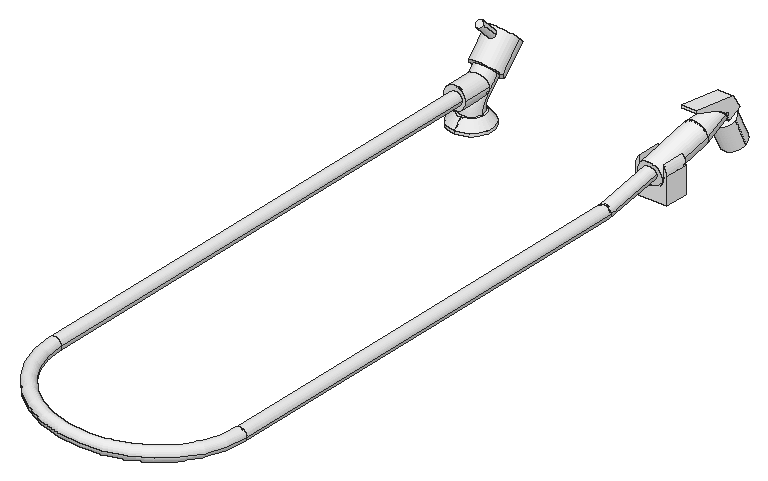
Revit family "Deca_Ducha Higiênica Link_1984.C.ACT.LNK.CR", category Plumbing Fixtures, host Face, Revit 2012
Parameters (values of type "1984.C.ACT.LNK.BR_Branco BR16")
  Vendido Separadamente = ""
  Variações de COR = "Gatilho cromado (1984.C.ACT.LNK.CR), gatilho branco (1984.C.ACT.LNK.BR)"  # constant formula
  URL = "www.deca.com.br/produtos"
  Segmento = "Competitivo"  # constant formula
  Raio Água Fria = 7.5 mm  # constant formula
  Produto = "Ducha higiênica"  # constant formula
  Pressão = "2 A 40 mca"  # constant formula
  Peso Liquido (Kg) = 0.71
  Norma = "ABNT NBR 14877: 2002"  # constant formula
  Model = Código  # "1984.C.ACT.LNK.BR"
  Material = "Deca_Latão Cromado e Plástico de Engenharia"  # constant formula
  Manufacturer = "Deca"  # constant formula
  Louça/Metais = "Metal"  # constant formula
  Linha = "Link"  # constant formula
  Informações Complementares = "Mecanismo: 3 1/2 de volta"  # constant formula
  Gatilho = Deca BR16 Branco Metal
  Flow Pressure = 0.00 psi
  Ducha Higiênica = Deca CR10 Cromado Metal
  Diâmetro Água Fria = Raio Água Fria * 2  # 15 mm
  Description = "Ducha higiênica com registro "  # constant formula
  Default Elevation = 1200 mm
  Código = "1984.C.ACT.LNK.BR"
  Criado por = "Contino/quattroD"  # constant formula
  Consumo = "Varia com a pressão"  # constant formula
  CWFU = 0
  Atendimento ao Cliente = "0800-0117073"  # constant formula
  Assembly Code = "D2010710"
  Aprovado por = "Contino/quattroD"  # constant formula
  Acompanha o Produto = ""
Types (3, lengths in mm): name | Model | Gatilho | Código
  (no name) | "1984.C.ACT.LNK.BR" | Deca BR16 Branco Metal | "1984.C.ACT.LNK.BR"
  1984.C.ACT.LNK.CR_Cromado CR10 | "1984.C.ACT.LNK.CR" | Deca CR10 Cromado Metal | "1984.C.ACT.LNK.CR"
  1984.C.ACT.LNK.BR_Branco BR16 | "1984.C.ACT.LNK.BR" | Deca BR16 Branco Metal | "1984.C.ACT.LNK.BR"
Reference planes
  plane 1 "Center (Front/Back)": y = 0
  plane 2: z = 0
  plane 3 "Center (Left/Right)": x = 0
  plane 4 "Right 1": x = 199.974
  plane 5 "Bottom 1": y = -670.18
  plane 6 "Top 1": y = 113.228
  plane 7 "Right 2": x = 216.975
  plane 8 "Left 1": x = -22.579
  plane 9 "Front 1": z = 92.99
  plane 10: z = 48.601
  plane 11: z = 14.232
  plane 12: y = 43.527
  plane 13: z = 23.21
  plane 14: z = 9.21
  plane 15: z = 23.21
  plane 16: z = 9.21
  plane 17: through (-0.234, -79.201, 22.115) normal (0, -0.1707, 0.9853)
  plane 18: through (-0.234, -76.812, 8.32) normal (0, -0.1707, 0.9853)
  plane 19: through (85.03, 0, -104.079) normal (-0.0882, 0, -0.9961)
  plane 20: x = 199.936
Forms (mm)
  Revolve 1, solid, material "Deca CR10 Cromado Metal" <- "Ducha Higiênica"
    sketch origin (0, 0, 0) x (0, 1, 0) y (0, 0, 1)
      loop
        line (0, 0) -> (0, 12.931) -> (-14.524, 12.931) -> (-22.58, 2.983) -> (-22.58, 0) -> (0, 0)
      axis (0, 0) -> (0, 12.931)
    angle from 0 to 360
  SweptBlend 2, solid, material "Deca CR10 Cromado Metal" <- "Ducha Higiênica"
    path origin (0, 0, 0) x (0, 1, 0) y (0, 0, 1)
      loop
        spline (0, 12.931) -> (0.099, 15.173) -> (0.315, 17.203) -> (0.701, 19.1) -> (1.309, 20.946) -> (2.192, 22.818) -> (3.402, 24.798) -> (4.992, 26.965) -> (7.015, 29.398) -> (9.522, 32.178) -> (12.567, 35.384) -> (16.202, 39.095) -> (20.479, 43.392)
    profile origin (0, 0, 12.931) x (0, -0.9997, 0.024479) y (1, 0, 0)
      loop
        circle (0, 0) r 12
    end profile origin (0, 20.479, 43.392) x (0, -0.707107, 0.707107) y (1, 0, 0)
      loop
        circle (0, 0) r 12
  Extrusion 3, solid, material "Deca CR10 Cromado Metal" <- "Ducha Higiênica"
    sketch origin (0, 0, 0) x (1, 0, 0) y (0, 0, 1)
      loop
        circle (0, 34.289) r 12
    from -9.079 to 21.824
  Extrusion 4, solid, material "Deca CR10 Cromado Metal" <- "Ducha Higiênica"
    sketch origin (0, -8.869, 28.308) x (1, 0, 0) y (0, 0.707107, -0.707106)
      loop
        circle (0, 10.148) r 17
    from 31.476 to 65.476
  Extrusion 5, solid, material "Deca CR10 Cromado Metal" <- "Ducha Higiênica"
    sketch origin (0, 63.462, 1.177) x (1, 0, 0) y (0, 0.707107, 0.707107)
      loop
        circle (0, 26.446) r 4
    from 77.193 to 99.515
  Extrusion 6, solid, material "Deca CR10 Cromado Metal" <- "Ducha Higiênica"
    sketch origin (0, 0, 0) x (1, 0, 0) y (0, 0, 1)
      loop
        line (216.975, 0) -> (216.975, 28.464)
        arc (216.975, 28.464) -> (215.846, 33.762) -> (212.977, 38.357) r 15.63
        line (212.977, 38.357) -> (212.977, 23.749)
        arc (212.977, 23.749) -> (200.113, 14.186) -> (187.249, 23.749) r 13.434
        line (187.249, 23.749) -> (187.249, 38.665)
        arc (187.249, 38.665) -> (184.287, 34.164) -> (182.974, 28.938) r 16.114
        line (182.974, 28.938) -> (182.974, 0) -> (216.975, 0)
    from -16.727 to 7.995
  Extrusion 7, solid, material "Deca BR16 Branco Metal" <- "Gatilho"
    sketch origin (0, 0, 0) x (0, 1, 0) y (0, 0, 1)
      loop
        line (100.55, 44.837) -> (91.986, 59.668)
        arc (91.986, 59.668) -> (67.892, 64.027) -> (43.527, 66.442) r 305.364
        line (43.527, 66.442) -> (43.527, 63.008) -> (62.377, 57.245)
        arc (62.377, 57.245) -> (76.39, 50.347) -> (86.05, 38.075) r 35.271
        line (86.05, 38.075) -> (100.55, 44.837)
    from 191.974 to 207.974
  Extrusion 8, solid, material "Deca BR16 Branco Metal" <- "Gatilho"
    sketch origin (0, 6.455, -10.345) x (1, 0, 0) y (0, -0.204422, 0.978883)
      loop
        circle (199.974, 38.424) r 13.003
    from -54.205 to 7.995
  Blend 9, solid, material "Deca BR16 Branco Metal" <- "Gatilho"
    base sketch origin (0, 7.131, -11.87) x (1, 0, 0) y (0, -0.221483, 0.975164)
      loop
        circle (199.974, 39.112) r 13.001
    top sketch origin (0, 7.131, -11.87) x (1, 0, 0) y (0, -0.221483, 0.975164)
      loop
        circle (199.974, 39.112) r 8
    from -54.292 to -88.696
  Extrusion 10, solid, material "Deca BR16 Branco Metal" <- "Gatilho"
    sketch origin (0, 14.319, 88.523) x (1, 0, 0) y (0, 0.905264, 0.424848)
      loop
        circle (199.974, 45.999) r 13.007
    from -108.967 to -76.825
  Extrusion 11, solid, material "Deca CR10 Cromado Metal" <- "Ducha Higiênica"
    sketch origin (0, 0, 0) x (1, 0, 0) y (0, 0, 1)
      loop
        circle (199.719, 16.462) r 7
    from 70.3 to 560.278
  Extrusion 12, solid, material "Deca CR10 Cromado Metal" <- "Ducha Higiênica"
    sketch origin (-199.974, 0, 0) x (1, 0, 0) y (0, 0, 1)
      loop
        circle (200.48, 33.891) r 7
    from 21.824 to 560.278
  Sweep 13, solid, material "Deca CR10 Cromado Metal" <- "Ducha Higiênica"
    path origin (-2.458, 0, 0.021) x (0.996195, 0, -0.087156) y (0, 1, 0)
      loop
        arc (199.974, -560.278) -> (99.987, -660.265) -> (0, -560.278) r 99.987
    profile origin (97.149, -660.265, -8.694) x (0, -1, 0) y (0.087156, 0, 0.996195)
      loop
        circle (0, 34) r 7
  Extrusion 14, solid, material "Deca CR10 Cromado Metal" <- "Ducha Higiênica"
    sketch origin (-0.234, 0.5, 12.364) x (1, 0, 0) y (0, -0.170669, 0.985329)
      loop
        circle (199.974, 16.21) r 7
    from 6.86 to 70.3
Cuts and joins
  joined: Extrusion 11, Extrusion 12, Sweep 13
Lines and regions (mm)
  Masking region 1
    outline origin (0, -0.003, -216.498) x (0, 1, 0) y (0, 0, 1)
      loop
        line (-37.3, 260.5) -> (-562.3, 260.5)
        arc (-562.3, 260.5) -> (-604.187, 259.411) -> (-645.96, 256.145) r 805.741
        arc (-645.96, 256.145) -> (-647.868, 255.998) -> (-649.742, 255.613) r 15.234
        arc (-649.742, 255.613) -> (-651.455, 255.417) -> (-653.132, 255.016) r 14.299
        arc (-653.132, 255.016) -> (-654.777, 254.757) -> (-656.385, 254.324) r 15.561
        arc (-656.385, 254.324) -> (-657.956, 253.977) -> (-659.472, 253.439) r 13.031
        arc (-659.472, 253.439) -> (-660.606, 253.158) -> (-661.672, 252.682) r 6.588
        arc (-661.672, 252.682) -> (-670.039, 243.337) -> (-664.637, 232.017) r 11.31
        arc (-664.637, 232.017) -> (-663.21, 231.128) -> (-661.653, 230.496) r 9.768
        arc (-661.653, 230.496) -> (-659.962, 229.822) -> (-658.184, 229.427) r 11.279
        arc (-658.184, 229.427) -> (-657.256, 229.02) -> (-656.259, 228.839) r 4.332
        arc (-656.259, 228.839) -> (-654.638, 228.42) -> (-652.981, 228.18) r 15.374
        arc (-652.981, 228.18) -> (-651.396, 227.788) -> (-649.771, 227.63) r 11.267
        arc (-649.771, 227.63) -> (-647.863, 227.191) -> (-645.909, 227.078) r 11.665
        arc (-645.909, 227.078) -> (-608.702, 223.803) -> (-571.368, 222.71) r 638.284
        line (-571.368, 222.71) -> (-69.993, 222.71) -> (-18, 231.878) -> (-18.521, 234.832) -> (-15.706, 235.329)
        arc (-15.706, 235.329) -> (-14.775, 233.235) -> (-14.774, 230.944) r 5.523
        line (-14.774, 230.944) -> (-14.774, 229.118) -> (-22.577, 219.483) -> (-22.577, 216.498) -> (22.582, 216.498) -> (22.582, 219.479) -> (18.28, 224.792) -> (18.28, 234.637) -> (53.468, 242.596) -> (76.793, 249.567) -> (87.714, 226.281) -> (88.798, 224.023) -> (90.738, 221.253)
        arc (90.738, 221.253) -> (91.162, 220.945) -> (91.684, 220.963) r 0.803
        line (91.684, 220.963) -> (112.738, 230.838)
        arc (112.738, 230.838) -> (113.141, 231.228) -> (113.219, 231.783) r 0.864
        line (113.219, 231.783) -> (112.316, 235.057) -> (111.879, 235.952) -> (111.254, 237.321) -> (103.912, 252.975) -> (107.44, 254.62) -> (103.616, 262.775) -> (100.55, 261.337)
        arc (100.55, 261.337) -> (97.118, 269.339) -> (91.871, 276.289) r 36.135
        line (91.871, 276.289) -> (81.936, 278.22)
        arc (81.936, 278.22) -> (64.376, 281.106) -> (46.679, 282.965) r 305.752
        line (46.679, 282.965) -> (33.16, 296.483) -> (30.367, 293.69) -> (14.555, 309.501) -> (8.996, 303.942) -> (24.808, 288.13) -> (8.525, 271.847) -> (11.164, 269.208) -> (10.051, 268.095)
        arc (10.051, 268.095) -> (9.765, 267.499) -> (9.916, 266.855) r 0.996
        line (9.916, 266.855) -> (8.404, 265.494)
        arc (8.404, 265.494) -> (5.364, 263.49) -> (1.791, 262.787) r 9.432
        line (1.791, 262.787) -> (-21.821, 262.787) -> (-21.821, 261.227) -> (-32.869, 261.227)
        arc (-32.869, 261.227) -> (-33.535, 260.973) -> (-33.863, 260.341) r 1
        line (-33.863, 260.341) -> (-33.863, 256.37) -> (-37.3, 256.37) -> (-37.3, 260.5)
      loop
        line (52.873, 276.707) -> (57.042, 272.537) -> (50.515, 266.009) -> (76.269, 267.414)
        arc (76.269, 267.414) -> (72.145, 270.055) -> (67.65, 271.997) r 30.32
        arc (67.65, 271.997) -> (60.293, 274.451) -> (52.873, 276.707) r 289.14
  Masking region 2
    outline origin (0.001, 0, -216.5) x (1, 0, 0) y (0, 0, 1)
      loop
        line (-12.502, 229.431) -> (-14.525, 229.431) -> (-22.579, 219.485) -> (-22.579, 216.5) -> (22.578, 216.5) -> (22.578, 219.485) -> (14.524, 229.431) -> (12.5, 229.431) -> (12.5, 239.369)
        arc (12.5, 239.369) -> (97.75, 231.968) -> (182.974, 224.268) r 24434.874
        line (182.974, 224.268) -> (182.974, 216.5) -> (216.974, 216.5) -> (216.974, 244.226)
        arc (216.974, 244.226) -> (215.941, 249.908) -> (212.974, 254.863) r 16.141
        arc (212.974, 254.863) -> (212.548, 256.934) -> (211.017, 258.392) r 3.539
        arc (211.017, 258.392) -> (209.735, 260.842) -> (207.944, 262.947) r 12.449
        line (207.944, 262.947) -> (207.944, 280.502)
        arc (207.944, 280.502) -> (206.96, 282.386) -> (204.974, 283.141) r 2.992
        line (204.974, 283.141) -> (194.974, 283.141)
        arc (194.974, 283.141) -> (192.987, 282.386) -> (192.003, 280.502) r 2.992
        line (192.003, 280.502) -> (192.003, 262.947)
        arc (192.003, 262.947) -> (190.212, 260.842) -> (188.93, 258.392) r 12.449
        arc (188.93, 258.392) -> (187.399, 256.934) -> (186.974, 254.863) r 3.539
        arc (186.974, 254.863) -> (183.989, 249.934) -> (182.974, 244.262) r 15.763
        arc (182.974, 244.262) -> (100.037, 251.852) -> (17.043, 258.795) r 10667.476
        line (17.043, 258.795) -> (17.043, 284.509)
        spline (17.043, 284.509) -> (16.937, 285.853) -> (16.621, 287.181) -> (16.097, 288.475) -> (15.373, 289.719) -> (14.458, 290.898) -> (13.364, 291.998) -> (12.103, 293.004) -> (10.691, 293.904) -> (9.148, 294.686) -> (7.49, 295.342) -> (5.74, 295.862) -> (3.919, 296.241)
        line (3.919, 296.241) -> (3.919, 306.744)
        spline (3.919, 306.744) -> (3.785, 307.46) -> (3.393, 308.126) -> (2.768, 308.699) -> (1.955, 309.138) -> (1.007, 309.414) -> (-0.01, 309.508) -> (-1.027, 309.414) -> (-1.975, 309.138) -> (-2.788, 308.699) -> (-3.413, 308.126) -> (-3.805, 307.46) -> (-3.939, 306.744)
        line (-3.939, 306.744) -> (-3.939, 295.996)
        spline (-3.939, 295.996) -> (-5.743, 295.616) -> (-7.476, 295.1) -> (-9.116, 294.453) -> (-10.643, 293.683) -> (-12.038, 292.8) -> (-13.283, 291.816) -> (-14.365, 290.741) -> (-15.268, 289.589) -> (-15.982, 288.375) -> (-16.499, 287.113) -> (-16.812, 285.819) -> (-16.916, 284.509)
        line (-16.916, 284.509) -> (-16.916, 259.889)
        arc (-16.916, 259.889) -> (-15.59, 255.381) -> (-12.502, 251.839) r 10.997
        line (-12.502, 251.839) -> (-12.502, 229.431)
  Masking region 3
    outline origin (-400.02, 0.047, 0) x (1, 0, 0) y (0, 1, 0)
      loop
        line (587.021, 100.249) -> (587.021, 88.393)
        arc (587.021, 88.393) -> (588.16, 83.458) -> (591.347, 79.523) r 11.256
        line (591.347, 79.523) -> (588.106, 51.139) -> (586.474, 17.63)
        arc (586.474, 17.63) -> (586.865, 17.047) -> (587.486, 16.719) r 1.439
        line (587.486, 16.719) -> (583.693, 15.597)
        arc (583.693, 15.597) -> (583.176, 15.238) -> (582.974, 14.643) r 1.004
        line (582.974, 14.643) -> (582.974, -8) -> (589.977, -8)
        arc (589.977, -8) -> (590.156, -8.58) -> (590.553, -9.04) r 1.481
        arc (590.553, -9.04) -> (591.251, -9.43) -> (592.008, -9.687) r 4.383
        arc (592.008, -9.687) -> (592.488, -9.813) -> (592.974, -9.92) r 12.559
        line (592.974, -9.92) -> (592.974, -11.329)
        arc (592.974, -11.329) -> (592.114, -11.53) -> (591.278, -11.814) r 8.976
        arc (591.278, -11.814) -> (590.854, -12.027) -> (590.467, -12.301) r 3.19
        arc (590.467, -12.301) -> (590.105, -12.782) -> (589.977, -13.37) r 1.411
        line (589.977, -13.37) -> (589.977, -538.37)
        arc (589.977, -538.37) -> (590.031, -558.663) -> (587.954, -578.849) r 192.927
        arc (587.954, -578.849) -> (581.607, -598.074) -> (571.068, -615.361) r 88.761
        arc (571.068, -615.361) -> (542.083, -639.699) -> (505.682, -650.065) r 90.555
        arc (505.682, -650.065) -> (467.78, -644.368) -> (435.749, -623.319) r 89.379
        arc (435.749, -623.319) -> (419.898, -601.223) -> (411.339, -575.411) r 90.361
        arc (411.339, -575.411) -> (410.309, -556.903) -> (409.966, -538.37) r 500.484
        line (409.966, -538.37) -> (409.966, -37.3) -> (406.028, -37.3) -> (406.028, -33.813) -> (412.019, -33.813) -> (412.019, -23.919) -> (410.291, -23.919) -> (410.291, -21.832) -> (412.52, -21.832) -> (412.52, -18.851)
        arc (412.52, -18.851) -> (422.503, -2.146) -> (415.786, 16.118) r 22.58
        arc (415.786, 16.118) -> (416.533, 17.959) -> (416.896, 19.913) r 9.859
        line (416.896, 19.913) -> (416.896, 45.433)
        spline (416.896, 45.433) -> (416.321, 48.429) -> (414.633, 51.222) -> (411.949, 53.619) -> (408.452, 55.459) -> (404.378, 56.616) -> (400.007, 57.01) -> (395.636, 56.616) -> (391.563, 55.459) -> (388.065, 53.619) -> (385.381, 51.222) -> (383.694, 48.429) -> (383.118, 45.433)
        line (383.118, 45.433) -> (383.115, 20.433)
        arc (383.115, 20.433) -> (383.438, 18.21) -> (384.255, 16.118) r 9.859
        arc (384.255, 16.118) -> (377.538, -2.146) -> (387.52, -18.851) r 22.58
        line (387.52, -18.851) -> (387.52, -21.832) -> (389.75, -21.832) -> (389.75, -23.916) -> (388.026, -23.916) -> (388.026, -33.813) -> (394.028, -33.813) -> (394.028, -37.3) -> (390, -37.3) -> (390, -567.176)
        arc (390, -567.176) -> (398.326, -603.412) -> (418.927, -634.362) r 103.431
        arc (418.927, -634.362) -> (441.524, -652.787) -> (467.823, -665.377) r 123.03
        arc (467.823, -665.377) -> (508.074, -670.503) -> (547.12, -659.468) r 101.594
        arc (547.12, -659.468) -> (575.426, -639.297) -> (596.91, -611.975) r 122.237
        arc (596.91, -611.975) -> (606.623, -588.53) -> (609.936, -563.37) r 97.193
        line (609.936, -563.37) -> (609.936, -13.37)
        arc (609.936, -13.37) -> (609.808, -12.782) -> (609.446, -12.301) r 1.411
        arc (609.446, -12.301) -> (609.059, -12.027) -> (608.635, -11.814) r 3.19
        arc (608.635, -11.814) -> (607.799, -11.53) -> (606.939, -11.329) r 8.976
        line (606.939, -11.329) -> (606.939, -9.92)
        arc (606.939, -9.92) -> (607.425, -9.813) -> (607.905, -9.687) r 12.559
        arc (607.905, -9.687) -> (608.662, -9.43) -> (609.36, -9.04) r 4.383
        arc (609.36, -9.04) -> (609.757, -8.58) -> (609.936, -8) r 1.481
        line (609.936, -8) -> (616.939, -8) -> (616.939, 14.643)
        arc (616.939, 14.643) -> (616.737, 15.238) -> (616.22, 15.597) r 1.004
        line (616.22, 15.597) -> (612.427, 16.719)
        arc (612.427, 16.719) -> (613.048, 17.047) -> (613.439, 17.63) r 1.439
        line (613.439, 17.63) -> (611.807, 51.139) -> (608.563, 79.549)
        arc (608.563, 79.549) -> (611.804, 83.38) -> (612.968, 88.262) r 10.819
        line (612.968, 88.262) -> (612.968, 100.249)
        arc (612.968, 100.249) -> (599.995, 113.223) -> (587.021, 100.249) r 12.973
  symbolic lines
    curve 1: line (0, 76.942, 33.782) -> (0, 100.551, 44.855)
    curve 2: line (0, 111.254, 20.826) -> (0, 87.721, 9.788)
    curve 3: line (0, 104.125, 36.025) -> (0, 102.897, 35.453)
    curve 4: line (0, 98.859, 44.062) -> (0, 102.897, 35.453)
    curve 5: arc (0, 93.212, 41.413) -> (0, 88.769, 51.084) -> (0, 81.454, 58.816) r 32.694
    curve 6: arc (0, 81.337, 58.814) -> (0, 65.705, 61.279) -> (0, 49.987, 63.119) r 397
    curve 7: line (0, 92.469, 59.012) -> (0, 81.364, 58.814)
    curve 8: line (0, 76.269, 50.919) -> (0, 83.469, 44.877)
    curve 9: arc (0, 83.469, 44.877) -> (0, 84.429, 43.697) -> (0, 84.882, 42.245) r 4.028
    curve 10: line (0, 84.882, 42.245) -> (0, 85.346, 39.861)
    curve 11: line (0, 85.346, 39.861) -> (0, 86.058, 38.058)
    curve 12: line (0, 49.486, 48.64) -> (0, 53.461, 26.099)
    curve 13: line (0, 81.929, 61.723) -> (0, 81.364, 58.814)
    curve 14: arc (194.478, 106.226, 0) -> (199.974, 107.333, 0) -> (205.471, 106.226, 0) r 14.197
    curve 15: arc (194.478, 99.479, 0) -> (194.712, 99.358, 0) -> (194.97, 99.306, 0) r 0.949
    curve 16: line (194.478, 99.479, 0) -> (194.478, 106.226, 0)
    curve 17: line (191.974, 81.397, 0) -> (191.974, 93.325, 0)
    curve 18: arc (187.003, 88.453, 0) -> (189.563, 95.399, 0) -> (195.727, 99.498, 0) r 11.931
    curve 19: arc (205.471, 99.479, 0) -> (205.237, 99.358, 0) -> (204.979, 99.306, 0) r 0.949
    curve 20: line (205.471, 99.479, 0) -> (205.471, 106.226, 0)
    curve 21: line (207.974, 81.397, 0) -> (207.974, 93.325, 0)
    curve 22: arc (212.946, 88.453, 0) -> (210.386, 95.399, 0) -> (204.222, 99.498, 0) r 11.931
    curve 23: arc (199.974, 92.834, 0) -> (197.726, 92.376, 0) -> (195.731, 91.241, 0) r 7.293
    curve 24: arc (195.731, 91.241, 0) -> (194.453, 89.892, 0) -> (193.462, 88.321, 0) r 9.494
    curve 25: arc (193.462, 88.321, 0) -> (192.394, 85.436, 0) -> (191.982, 82.387, 0) r 13.992
    curve 26: arc (199.974, 91.146, 0) -> (198.796, 90.906, 0) -> (197.758, 90.297, 0) r 3.662
    curve 27: arc (197.758, 90.297, 0) -> (197.108, 89.658, 0) -> (196.568, 88.923, 0) r 5.681
    curve 28: arc (196.568, 88.923, 0) -> (196.009, 87.866, 0) -> (195.597, 86.743, 0) r 8.854
    curve 29: arc (195.597, 86.743, 0) -> (195.162, 84.677, 0) -> (194.993, 82.572, 0) r 16.557
    curve 30: line (194.993, 82.572, 0) -> (194.993, 43.605, 0)
    curve 31: arc (191.974, 49.95, 0) -> (190.298, 50.278, 0) -> (188.683, 50.832, 0) r 12.507
    curve 32: arc (188.683, 50.832, 0) -> (188.333, 51.12, 0) -> (188.123, 51.523, 0) r 1.142
    curve 33: line (191.974, 81.397, 0) -> (191.974, 46.193, 0)
    curve 34: arc (191.974, 46.193, 0) -> (192.031, 44.894, 0) -> (192.201, 43.605, 0) r 14.89
    curve 35: arc (199.974, 92.834, 0) -> (202.308, 92.343, 0) -> (204.358, 91.125, 0) r 7.293
    curve 36: arc (204.358, 91.125, 0) -> (205.559, 89.823, 0) -> (206.497, 88.321, 0) r 9.494
    curve 37: arc (206.497, 88.321, 0) -> (207.565, 85.436, 0) -> (207.976, 82.387, 0) r 13.992
    curve 38: arc (199.974, 91.146, 0) -> (201.153, 90.906, 0) -> (202.191, 90.297, 0) r 3.662
    curve 39: arc (202.191, 90.297, 0) -> (202.841, 89.658, 0) -> (203.381, 88.923, 0) r 5.681
    curve 40: arc (203.381, 88.923, 0) -> (203.94, 87.866, 0) -> (204.352, 86.743, 0) r 8.854
    curve 41: arc (204.352, 86.743, 0) -> (204.787, 84.677, 0) -> (204.956, 82.572, 0) r 16.557
    curve 42: line (204.956, 82.572, 0) -> (204.956, 43.605, 0)
    curve 43: line (207.974, 81.397, 0) -> (207.974, 46.193, 0)
    curve 44: arc (207.974, 46.193, 0) -> (207.918, 44.894, 0) -> (207.748, 43.605, 0) r 14.89
    curve 45: arc (207.974, 49.95, 0) -> (209.65, 50.278, 0) -> (211.266, 50.832, 0) r 12.507
    curve 46: arc (211.266, 50.832, 0) -> (211.616, 51.12, 0) -> (211.826, 51.523, 0) r 1.142
    curve 47: line (192.201, 43.605, 0) -> (207.748, 43.605, 0)
    curve 48: arc (187.487, 16.779, 0) -> (199.943, 15.329, 0) -> (212.399, 16.772, 0) r 54.365
    curve 49: arc (187.549, 16.764, 0) -> (187.756, 16.095, 0) -> (188.342, 15.712, 0) r 1.034
    curve 50: arc (188.342, 15.712, 0) -> (190.618, 15.013, 0) -> (192.974, 14.667, 0) r 15.645
    curve 51: line (192.974, 14.667, 0) -> (192.974, -7.94, 0)
    curve 52: arc (212.399, 16.772, 0) -> (212.195, 16.098, 0) -> (211.607, 15.712, 0) r 1.034
    curve 53: arc (211.607, 15.712, 0) -> (209.33, 15.013, 0) -> (206.974, 14.667, 0) r 15.645
    curve 54: line (206.974, 14.667, 0) -> (206.974, -7.94, 0)
    curve 55: arc (192.974, 6.315, 0) -> (199.974, 5.886, 0) -> (206.974, 6.315, 0) r 57.359
    curve 56: arc (192.974, -7.208, 0) -> (199.974, -7.699, 0) -> (206.974, -7.208, 0) r 50.122
    curve 57: line (192.974, -7.94, 0) -> (189.978, -7.94, 0)
    curve 58: line (206.974, -7.94, 0) -> (209.937, -7.94, 0)
    curve 59: line (-5.992, -37.253, 0) -> (6.008, -37.253, 0)
    curve 60: line (192.974, -11.269, 0) -> (192.974, -12.291, 0)
    curve 61: line (206.974, -11.269, 0) -> (206.974, -12.291, 0)
    curve 62: spline (192.974, -12.291, 0) -> (193.212, -12.608, 0) -> (193.908, -12.904, 0) -> (195.015, -13.158, 0) -> (196.458, -13.353, 0) -> (198.138, -13.475, 0) -> (199.941, -13.517, 0) -> (201.744, -13.475, 0) -> (203.424, -13.353, 0) -> (204.867, -13.158, 0) -> (205.974, -12.904, 0) -> (206.67, -12.608, 0) -> (206.908, -12.291, 0)
    curve 63: spline (192.974, -9.86, 0) -> (193.951, -10.064, 0) -> (195.028, -10.237, 0) -> (196.186, -10.374, 0) -> (197.408, -10.473, 0) -> (198.672, -10.534, 0) -> (199.957, -10.554, 0) -> (201.243, -10.534, 0) -> (202.507, -10.473, 0) -> (203.728, -10.374, 0) -> (204.887, -10.237, 0) -> (205.964, -10.064, 0) -> (206.94, -9.86, 0)
    curve 64: line (-5.992, -33.766, 0) -> (6.008, -33.766, 0)
    curve 65: spline (187.198, 101.79, 0) -> (188.062, 104.338, 0) -> (189.568, 106.641, 0) -> (191.635, 108.575, 0) -> (194.152, 110.036, 0) -> (196.983, 110.945, 0) -> (199.975, 111.254, 0) -> (202.968, 110.945, 0) -> (205.799, 110.035, 0) -> (208.315, 108.574, 0) -> (210.382, 106.639, 0) -> (211.888, 104.336, 0) -> (212.751, 101.788, 0)
    curve 66: spline (-16.905, 45.479, 0) -> (-16.35, 42.344, 0) -> (-14.722, 39.415, 0) -> (-12.128, 36.883, 0) -> (-8.738, 34.916, 0) -> (-4.775, 33.642, 0) -> (-0.498, 33.145, 0) -> (3.812, 33.457, 0) -> (7.871, 34.559, 0) -> (11.414, 36.377, 0) -> (14.208, 38.793, 0) -> (16.069, 41.647, 0) -> (16.876, 44.753, 0)
    curve 67: spline (-3.902, 27.911, 0) -> (-3.769, 28.553, 0) -> (-3.379, 29.151, 0) -> (-2.759, 29.665, 0) -> (-1.951, 30.059, 0) -> (-1.01, 30.307, 0) -> (-0.001, 30.391, 0) -> (1.009, 30.307, 0) -> (1.95, 30.059, 0) -> (2.758, 29.665, 0) -> (3.378, 29.151, 0) -> (3.767, 28.553, 0) -> (3.9, 27.911, 0)
    curve 68: spline (-3.902, 11.751, 0) -> (-3.769, 12.472, 0) -> (-3.38, 13.143, 0) -> (-2.759, 13.72, 0) -> (-1.951, 14.162, 0) -> (-1.01, 14.44, 0) -> (0, 14.535, 0) -> (1.01, 14.44, 0) -> (1.951, 14.162, 0) -> (2.759, 13.72, 0) -> (3.38, 13.143, 0) -> (3.769, 12.472, 0) -> (3.902, 11.751, 0) -> (3.769, 11.031, 0) -> (3.38, 10.359, 0) -> (2.759, 9.783, 0) -> (1.951, 9.341, 0) -> (1.01, 9.062, 0) -> (0, 8.968, 0) -> (-1.01, 9.062, 0) -> (-1.951, 9.341, 0) -> (-2.759, 9.783, 0) -> (-3.38, 10.359, 0) -> (-3.769, 11.031, 0) -> (-3.902, 11.751, 0)
    curve 69: line (-3.902, 27.911, 0) -> (-3.902, 11.794, 0)
    curve 70: line (3.9, 27.911, 0) -> (3.9, 11.794, 0)
    curve 71: line (-12.5, 12.4, 0) -> (-12.5, -18.802, 0)
    curve 72: arc (-12.5, 7.686, 0) -> (-14.674, 0, 0) -> (-12.5, -7.686, 0) r 14.675
    curve 73: arc (-2.15, 8.528, 0) -> (-2.022, 5.228, 0) -> (-2.149, 1.928, 0) r 42.64
    curve 74: spline (-12.5, 10.79, 0) -> (-12.074, 8.462, 0) -> (-10.825, 6.292, 0) -> (-8.838, 4.429, 0) -> (-6.249, 2.999, 0) -> (-3.234, 2.1, 0) -> (0.002, 1.794, 0) -> (3.238, 2.1, 0) -> (6.253, 2.999, 0) -> (8.843, 4.429, 0) -> (10.829, 6.292, 0) -> (12.078, 8.462, 0) -> (12.504, 10.79, 0)
    curve 75: line (12.504, 12.331, 0) -> (12.504, -18.802, 0)
    curve 76: arc (12.504, 7.679, 0) -> (14.674, 0, 0) -> (12.504, -7.679, 0) r 14.675
    curve 77: arc (2.15, 8.526, 0) -> (2.022, 5.227, 0) -> (2.149, 1.927, 0) r 42.64
    curve 78: line (-10.27, -23.869, 0) -> (10.281, -23.869, 0)
    curve 79: line (-6.896, -24.973, 0) -> (-6.896, -32.72, 0)
    curve 80: line (-5.096, -24.973, 0) -> (-5.096, -32.72, 0)
    curve 81: arc (-6.896, -24.973, 0) -> (-5.996, -24.073, 0) -> (-5.096, -24.973, 0) r 0.9
    curve 82: arc (-6.896, -32.72, 0) -> (-5.996, -33.62, 0) -> (-5.096, -32.72, 0) r 0.9
    curve 83: line (6.896, -24.973, 0) -> (6.896, -32.72, 0)
    curve 84: arc (6.896, -24.973, 0) -> (5.996, -24.073, 0) -> (5.096, -24.973, 0) r 0.9
    curve 85: arc (6.896, -32.72, 0) -> (5.996, -33.62, 0) -> (5.096, -32.72, 0) r 0.9
    curve 86: line (0, -22.58, 2.82) -> (0, 22.58, 2.82)
    curve 87: line (0, -14.777, 12.931) -> (0, 14.636, 12.931)
    curve 88: line (0, 15.583, 11.725) -> (0, 15.583, 20.821)
    curve 89: arc (0, -14.608, 18.757) -> (0, -17.463, 20.887) -> (0, -20.851, 21.982) r 10.903
    curve 90: arc (0, -14.608, 18.757) -> (0, -12.778, 16.071) -> (0, -11.934, 12.931) r 9.734
    curve 91: line (0, -11.934, 12.931) -> (0, -0.05, 33.838)
    curve 92: line (0, -21.824, 21.428) -> (0, -0.05, 33.838)
    curve 93: line (0, -0.05, 33.838) -> (0, 3.618, 32.128)
    curve 94: line (0, 0, 23.508) -> (0, 2.686, 20.822)
    curve 95: line (0, 2.686, 20.822) -> (0, 12.418, 13.751)
    curve 96: line (0, 0.138, 23.37) -> (0, 4.867, 30.081)
    curve 97: line (0, 4.867, 30.081) -> (0, 10.041, 33.374)
    curve 98: line (0, 3.618, 32.128) -> (0, 10.01, 33.722)
    curve 99: line (0, 8.543, 48.874) -> (0, 10.657, 34.797)
    curve 100: line (0, 10.149, 34.674) -> (0, 1.788, 46.289)
    curve 101: arc (0, 10.657, 34.797) -> (0, 10.634, 33.962) -> (0, 10.041, 33.374) r 1.122
    curve 102: arc (0, 10.149, 34.674) -> (0, 10.33, 34.162) -> (0, 10.01, 33.722) r 0.584
    curve 103: line (0, 26.09, 31.328) -> (0, 8.543, 48.874)
    curve 104: arc (0, 12.444, 12.931) -> (0, 13.001, 16.959) -> (0, 15.163, 20.402) r 9.67
    curve 105: line (0, 15.163, 20.402) -> (0, 26.09, 31.328)
    curve 106: line (0, 26.947, 33.284) -> (0, 25.54, 31.877)
    curve 107: line (0, 29.797, 34.074) -> (0, 28.673, 32.95)
    curve 108: arc (0, 28.673, 32.95) -> (0, 27.734, 32.723) -> (0, 26.947, 33.284) r 1.163
    curve 109: line (0, 29.797, 34.074) -> (0, 32.436, 31.435)
    curve 110: line (0, 32.436, 31.435) -> (0, 50.512, 49.511)
    curve 111: line (0, 29.797, 34.074) -> (0, 11.19, 52.681)
    curve 112: line (0, 9.894, 50.337) -> (0, 26.984, 33.246)
    curve 113: line (0, -578.905, 24.002) -> (0, -33.865, 24.002)
    curve 114: line (0, -18.524, 18.334) -> (0, -19.094, 21.568)
    curve 115: line (0, -32.765, 22.911) -> (0, -24.973, 22.911)
    curve 116: arc (0, -32.765, 22.911) -> (0, -33.543, 23.233) -> (0, -33.865, 24.011) r 1.1
    curve 117: line (0, -33.865, 39.872) -> (0, -33.865, 24.011)
    curve 118: line (0, -23.873, 44.728) -> (0, -23.873, 24.011)
    curve 119: line (0, -24.973, 43.689) -> (0, -24.973, 34.859)
    curve 120: line (0, -24.973, 32.78) -> (0, -24.973, 23.95)
    curve 121: line (0, -32.72, 43.689) -> (0, -32.72, 34.859)
    curve 122: line (0, -32.72, 32.78) -> (0, -32.72, 23.95)
    curve 123: line (0, -32.72, 34.859) -> (0, -24.973, 34.859)
    curve 124: line (0, -24.973, 32.78) -> (0, -32.72, 32.78)
    curve 125: arc (0, -24.973, 34.859) -> (0, -24.182, 33.82) -> (0, -24.973, 32.78) r 1.078
    curve 126: arc (0, -32.72, 34.859) -> (0, -33.535, 33.82) -> (0, -32.72, 32.78) r 1.07
    curve 127: line (0, -32.72, 43.689) -> (0, -24.973, 43.689)
    curve 128: line (0, -24.973, 23.95) -> (0, -32.72, 23.95)
    curve 129: line (0, -21.824, 44.887) -> (0, -21.824, 21.428)
    curve 130: arc (0, 30.364, 77.191) -> (0, 27.922, 74.074) -> (0, 24.804, 71.631) r 16.427
    curve 131: line (0, 46.676, 66.466) -> (0, 52.96, 60.182)
    curve 132: arc (3.92, 0, 79.64) -> (-0.009, 0, 79.937) -> (-3.938, 0, 79.64) r 26.137
    curve 133: spline (17.044, 0, 68.009) -> (16.466, 0, 64.936) -> (14.769, 0, 62.072) -> (12.071, 0, 59.612) -> (8.554, 0, 57.725) -> (4.459, 0, 56.538) -> (0.064, 0, 56.134) -> (-4.33, 0, 56.538) -> (-8.426, 0, 57.725) -> (-11.942, 0, 59.612) -> (-14.641, 0, 62.072) -> (-16.337, 0, 64.936) -> (-16.916, 0, 68.009)
    curve 134: line (-22.579, 0, 2.82) -> (22.421, 0, 2.82)
    curve 135: line (-12.501, 0, 12.931) -> (12.501, 0, 12.931)
    curve 136: spline (12.501, 0, 22.833) -> (12.075, 0, 22.22) -> (10.826, 0, 21.65) -> (8.84, 0, 21.16) -> (6.251, 0, 20.784) -> (3.236, 0, 20.547) -> (0, 0, 20.466) -> (-3.236, 0, 20.547) -> (-6.251, 0, 20.784) -> (-8.84, 0, 21.16) -> (-10.826, 0, 21.65) -> (-12.075, 0, 22.22) -> (-12.501, 0, 22.833)
    curve 137: spline (12.501, 0, 22.833) -> (12.075, 0, 20.483) -> (10.826, 0, 18.293) -> (8.84, 0, 16.412) -> (6.251, 0, 14.969) -> (3.236, 0, 14.062) -> (0, 0, 13.753) -> (-3.236, 0, 14.062) -> (-6.251, 0, 14.969) -> (-8.84, 0, 16.412) -> (-10.826, 0, 18.293) -> (-12.075, 0, 20.483) -> (-12.501, 0, 22.833)
    curve 138: line (12.501, 0, 22.833) -> (12.501, 0, 35.288)
    curve 139: spline (211.55, 0, 9.186) -> (211.156, 0, 10.404) -> (210, 0, 11.539) -> (208.16, 0, 12.514) -> (205.762, 0, 13.262) -> (202.971, 0, 13.732) -> (199.974, 0, 13.892) -> (196.978, 0, 13.732) -> (194.186, 0, 13.262) -> (191.789, 0, 12.514) -> (189.949, 0, 11.539) -> (188.793, 0, 10.404) -> (188.398, 0, 9.186) -> (188.793, 0, 7.968) -> (189.949, 0, 6.833) -> (191.789, 0, 5.859) -> (194.186, 0, 5.111) -> (196.978, 0, 4.641) -> (199.974, 0, 4.481) -> (202.971, 0, 4.641) -> (205.762, 0, 5.111) -> (208.16, 0, 5.859) -> (210, 0, 6.833) -> (211.156, 0, 7.968) -> (211.55, 0, 9.186)
    curve 140: spline (212.974, 0, 13.038) -> (212.531, 0, 14.466) -> (211.233, 0, 15.798) -> (209.167, 0, 16.941) -> (206.474, 0, 17.818) -> (203.339, 0, 18.37) -> (199.974, 0, 18.558) -> (196.61, 0, 18.37) -> (193.474, 0, 17.818) -> (190.782, 0, 16.941) -> (188.716, 0, 15.798) -> (187.417, 0, 14.466) -> (186.974, 0, 13.038)
    curve 141: arc (204.789, 0, 35.629) -> (199.974, 0, 36.015) -> (195.16, 0, 35.629) r 30.2
    curve 142: arc (205.174, 0, 37.435) -> (199.974, 0, 37.892) -> (194.774, 0, 37.435) r 29.828
    curve 143: arc (205.174, 0, 45.64) -> (199.974, 0, 46.113) -> (194.774, 0, 45.64) r 28.821
    curve 144: line (205.174, 0, 45.64) -> (205.174, 0, 37.435)
    curve 145: line (205.752, 0, 44.076) -> (205.752, 0, 36.352)
    curve 146: arc (205.752, 0, 36.352) -> (205.451, 0, 35.75) -> (204.789, 0, 35.629) r 0.753
    curve 147: line (194.774, 0, 45.64) -> (194.774, 0, 37.435)
    curve 148: line (194.197, 0, 44.076) -> (194.197, 0, 36.352)
    curve 149: arc (194.197, 0, 36.352) -> (194.497, 0, 35.75) -> (195.16, 0, 35.629) r 0.753
    curve 150: line (212.974, 0, 38.362) -> (212.974, 0, 13.038)
    curve 151: line (212.974, 0, 13.038) -> (212.33, 0, 9.586)
    curve 152: line (186.974, 0, 38.362) -> (186.974, 0, 13.212)
    curve 153: line (207.945, 0, 46.447) -> (207.945, 0, 43.528)
    curve 154: line (192.003, 0, 46.447) -> (192.003, 0, 43.528)
    curve 155: arc (205.174, 0, 44.148) -> (208.249, 0, 43.416) -> (211.018, 0, 41.892) r 11.771
    curve 156: arc (194.774, 0, 44.148) -> (191.7, 0, 43.416) -> (188.931, 0, 41.892) r 11.771
    curve 157: line (207.945, 0, 58.981) -> (192.003, 0, 58.981)
    curve 158: arc (204.974, 0, 61.763) -> (206.945, 0, 61.03) -> (207.945, 0, 59.18) r 2.99
    curve 159: arc (194.974, 0, 61.763) -> (193.01, 0, 61.022) -> (192.003, 0, 59.18) r 3.02
    curve 160: line (204.974, 0, 66.641) -> (204.974, 0, 61.763)
    curve 161: line (194.974, 0, 66.641) -> (194.974, 0, 61.763)
    curve 162: spline (204.974, 0, 61.763) -> (204.804, 0, 61.309) -> (204.305, 0, 60.885) -> (203.51, 0, 60.522) -> (202.474, 0, 60.243) -> (201.269, 0, 60.068) -> (199.974, 0, 60.008) -> (198.68, 0, 60.068) -> (197.474, 0, 60.243) -> (196.439, 0, 60.522) -> (195.644, 0, 60.885) -> (195.145, 0, 61.309) -> (194.974, 0, 61.763)
    curve 163: line (186.974, 0, 13.038) -> (187.618, 0, 9.586)
    curve 164: line (182.974, 0, 7.768) -> (182.975, 0, 27.762)
    curve 165: line (0, 14.636, 12.931) -> (0, 18.277, 8.294)
    curve 166: arc (0, -23.873, 24.011) -> (0, -24.195, 23.233) -> (0, -24.973, 22.911) r 1.1
    curve 167: line (0, -23.986, 23.524) -> (0, -21.824, 23.524)
    curve 168: spline (15.794, 16.068, 0) -> (14.251, 13.937, 0) -> (12.152, 12.066, 0) -> (9.581, 10.527, 0) -> (6.636, 9.38, 0) -> (3.435, 8.67, 0) -> (0.1, 8.425, 0) -> (-3.236, 8.655, 0) -> (-6.444, 9.35, 0) -> (-9.399, 10.484, 0) -> (-11.984, 12.011, 0) -> (-14.099, 13.873, 0) -> (-15.661, 15.996, 0)
    curve 169: line (5.096, -24.973, 0) -> (5.096, -32.72, 0)
    curve 170: arc (212.33, 0, 9.586) -> (211.952, 0, 8.804) -> (211.305, 0, 8.225) r 2.235
    curve 171: arc (187.618, 0, 9.586) -> (187.996, 0, 8.804) -> (188.644, 0, 8.225) r 2.235
    curve 172: arc (0, -578.905, 24.002) -> (0, -605.647, 23.049) -> (0, -632.343, 21.216) r 811.832
    curve 173: arc (0, -632.343, 21.216) -> (0, -648.378, 19.004) -> (0, -664.097, 15.14) r 155.677
    curve 174: arc (17.044, 0, 42.295) -> (15.266, 0, 38.472) -> (12.501, 0, 35.288) r 15.133
    curve 175: spline (191.974, 93.325, 0) -> (192.247, 95.21, 0) -> (193.046, 96.967, 0) -> (194.318, 98.476, 0) -> (195.974, 99.633, 0) -> (197.904, 100.361, 0) -> (199.974, 100.609, 0) -> (202.045, 100.361, 0) -> (203.974, 99.633, 0) -> (205.631, 98.476, 0) -> (206.903, 96.967, 0) -> (207.702, 95.21, 0) -> (207.974, 93.325, 0)
    curve 176: arc (-12.501, 0, 35.339) -> (-0.001, 0, 30.798) -> (12.499, 0, 35.339) r 19.475
    curve 177: line (10.27, -21.785, 0) -> (-10.27, -21.785, 0)
    curve 178: arc (192.974, 14.667, 0) -> (187.962, 13.903, 0) -> (182.953, 14.689, 0) r 16.579
    curve 179: arc (206.974, 14.667, 0) -> (211.948, 14.2, 0) -> (216.919, 14.689, 0) r 26.064
Dimensions and locks
  plane 8 "Left 1" to plane 7 "Right 2" = 239.553 mm  (x2)
  plane 4 "Right 1" to plane 3 "Center (Left/Right)" = 199.974 mm
  host face to plane 9 "Front 1" = 92.99 mm
  plane 6 "Top 1" to plane 5 "Bottom 1" = 783.408 mm
  plane 6 "Top 1" to plane 1 "Center (Front/Back)" to plane 5 "Bottom 1" = 113.228 mm, 670.18 mm
  plane 5 "Bottom 1" to plane 1 "Center (Front/Back)" to plane 6 "Top 1" = 670.18 mm, 113.228 mm
  plane 9 "Front 1" to host face = 92.99 mm
  plane 5 "Bottom 1" to plane 6 "Top 1" = 783.408 mm
  plane 3 "Center (Left/Right)" to plane 4 "Right 1" = 199.974 mm
  aligned and locked: host face to plane 2
  aligned and locked: level to host face
Connectors
  piping at (0, 0, 0), driven by "Raio Água Fria", driven by "Flow Pressure", driven by "CWFU"
    settings: on Revolve 1, index 1, connector radius 0.29528", flow factor 0, pipe flow 0 GPM, pressure drop 0.00 psi, fitting loss kfactor 0, connector angle 0.00°, fixture units 0, engagement length 0 mm, flow configuration 3, flow direction 1, fitting loss method 4, system type 20, joint type 0, gender type 0, connector reference index -1, connector utility 0, adjustable connector no, is connector primary yes, fitting loss table "", connector description ""
